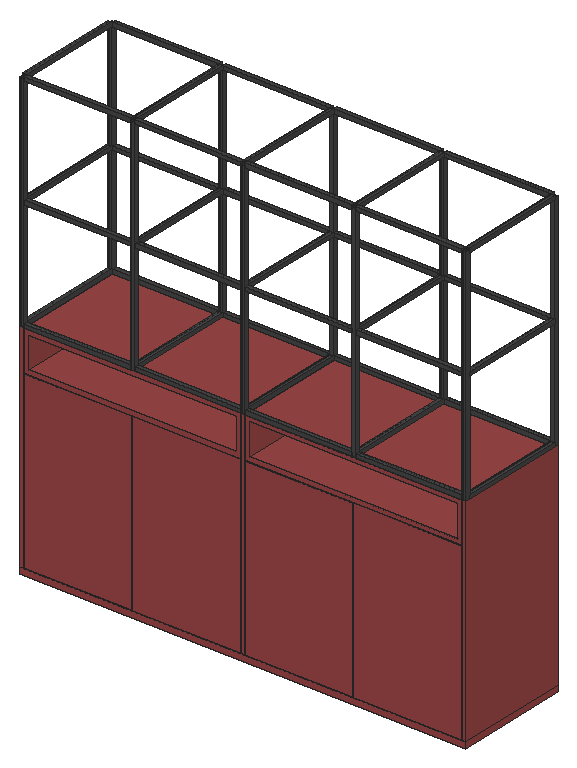
Revit family "DBLTD_TheSenatorGroup_OffcStrg_CrateDivide_StorageMounted_US", category Furniture, Revit 2018
Family settings
  Work Plane-Based = No
  Always vertical = Yes
  Cut with Voids When Loaded = No
  Shared = Yes
  Room Calculation Point = No
Parameters (values of type "2-High 4 Bay on Cubby Storage")
  WarrantyStartDate [instance] = "1900-12-31T23:59:59"
  WarrantyGuarantorParts = "n/a"
  WarrantyGuarantorLabor = "n/a"
  WarrantyDurationUnit = "Years"
  WarrantyDurationParts = "n/a"
  WarrantyDurationLabor = "n/a"
  WarrantyDescription = "Allermuir will repair, or replace (at Allermuir’s sole discretion) with comparable free of charge materials/ components, any product/ component which fails under normal use in a single shift environment, as a result of a defect in the materials and/or workmanship. Exceptions - Non-standard product - 2 years Screen-mounted Accessories/ Dry-wipe Boards - 2 years Electrical and/or electronic componentry - 2 years. Exclusions - Allermuir does not warrant: Failure due to normal “Wear and Tear”. Natural variations in appearance of wood - its grain, figure and colour. Changes in surface appearance resulting from exposure to light, and the natural ageing process of wood. Changes in surface appearance resulting from the misuse of cleaning materials and methods/ damage form sharp objects/ imprinting from writing implements. Natural variations in Leather - its marks, scars and wrinkles. Product stored/ exposed to extreme operational conditions. Consumable components such as Fuses/ Lights/ lamps/ transformers/etc. Other Manufacturer’s product supplied by Allermuir (their own warranty shall apply where possible). Non-standard fabrics/ finishes or veneers used. Allermuir only checks the manufacturing quality of Customer’s Own Material (COM) and provides no warrant"
  Version = "2"  # constant formula
  UnitMaterial [instance] = TheSenatorGroup_Wood_StrataOak
  Uniclass2015Version = "Products v1.9"
  Uniclass2015Title = "Office storage units"
  Uniclass2015Code = "Pr_40_30_78_57"
  URL = "https://www.thesenatorgroup.com/"
  Type Comments = "2-High 4 Bay on Cubby Storage"
  TagNumber [instance] = "n/a"
  SustainabilityPerformance = "Contains up to 50.00% of Recycled Material"
  Style = "n/a"
  Size = "L 18\" x  W 53\" x  H 30\""
  Shape = "Rectangular"
  SerialNumber [instance] = "n/a"
  Revision = "n/a"
  ReplacementCost = "n/a"
  ProductInformation = "https://www.thesenatorgroup.com/en/catalog/allermuir/tables-storage/crate-divide"
  OmniClassTitle = "Storage"
  OmniClassCode = "22-12 51 19"
  NominalWidth = 1784.096 mm
  NominalLength = 1784.096 mm
  NominalHeight = 1789.938 mm
  NominalDepth = 457.962 mm
  Name = "OfficeStorage_CrateDivide_StorageMounted"
  NBSReference = "45-35-80/360"
  NBSDescription = "Office storage"
  NBSCertification = ""
  ModelReference = "2-High 4 Bay on Cubby Storage"
  ModelNumber = "CRT2H4BCS"
  Model = "CRT2H4BCS"
  Material = "Tubular Steel"
  ManufacturerURL = "https://www.thesenatorgroup.com/"
  ManufacturerName = "The Senator Group"
  Manufacturer = "The Senator Group"
  MainColor = "n/a"
  Keynote = "Pr_40_30_78_57"
  Is4Bay = yes
  Is3Bay = yes
  Is2Bay = yes
  InstallationDate [instance] = "1900-12-31T23:59:59"
  IfcExportType = "STORAGE"  # constant formula
  IfcExportAs = "IfcFurnitureType"  # constant formula
  HasCubbby = DBLTD_TheSenatorGroup_OffcStrg_CrateDivide_Cubby_Nested : Double Cubby
  HasCentreCastor = yes
  Grade = "n/a"
  FrameMaterial [instance] = TheSenatorGroup_Plastic_Black
  Finish = "Black powder coat as standard. Optional colours available White, Sage, Bronze and Aubergine. MFC Storage available in Black, White or Strata Oak."
  Features = "A cube based modular storage system with a prime function to to act as a room divider. Create spaces using the modular design of Crate. Pre-built components can be connected together in-line or at right angles to create different zones within existing spaces."
  ExpectedLife = "n/a"
  DurationUnit = "year"
  DoorWidth = 432 mm
  DoorHeight = 728 mm
  DoorGap = 18 mm
  Description = "2-High 4 Bay on Cubby Storage"
  Cost = 0
  Constituents = "Tubular Steel frame available in Optional White, Sage, Bronze and Aubergine powder coat"
  Color = "Defined by Finish Specifed"
  CodePerformance = "n/a"
  CentralFrame = not(Is2Bay)  # no
  Category = "Pr_40_30_78_57:Office storage units"
  CarcassMaterial [instance] = TheSenatorGroup_Wood_Black
  BayHeight = DBLTD_TheSenatorGroup_OffcStrg_CrateDivide_Storage_Nested : Bars to Link 2-High Bay Unit
  BarCode [instance] = "n/a"
  BackPanel = 729 mm
  BIMObjectName = "TheSenatorGroup_OfficeStorage_CrateDivide_StorageMounted"
  Author = "Diane Butterworth Ltd"  # constant formula
  AssetType = "Movable"
  AssetIdentifier [instance] = "n/a"
  AccessibilityPerformance = "n/a"
  3BayFoot = no
Types (10, lengths in mm): name | Type Comments | Size | NominalWidth | NominalLength | NominalHeight | ModelReference | ModelNumber | Model | Is4Bay | Is3Bay | HasCubbby | HasCentreCastor | DoorWidth | DoorHeight | DoorGap | Description | CarcassMaterial | BayHeight | BackPanel | 3BayFoot
  2-High 2 Bay on Cubby Storage | "2-High 2 Bay on Cubby Storage" | "L 18\" x  W 35.5\" x  H 30\"" | 899.922 | 899.922 | 1789.938 | "2-High 2 Bay on Cubby Storage" | "CRT2H2BCS" | "CRT2H2BCS" | no | no | DBLTD_TheSenatorGroup_OffcStrg_CrateDivide_Cubby_Nested : Single Cubby | no | 432 | 728 | 1 | "2-High 2 Bay on Cubby Storage" | TheSenatorGroup_Wood_StrataOak | DBLTD_TheSenatorGroup_OffcStrg_CrateDivide_Storage_Nested : Bars to Link 2-High Bay Unit | 729 | no
  2-High 3 Bay on Storage | "2-High 3 Bay on Storage" | "L 18\" x  W 53\"x  H 30\"" | 1341.882 | 1341.882 | 1789.938 | "2-High 3 Bay on Storage" | "CRT2H3BS" | "CRT2H3BS" | no | yes | DBLTD_TheSenatorGroup_OffcStrg_CrateDivide_Cubby_Nested : No Cubby | yes | 441 | 873 | 1 | "2-High 3 Bay on Storage" | TheSenatorGroup_Wood_StrataOak | DBLTD_TheSenatorGroup_OffcStrg_CrateDivide_Storage_Nested : Bars to Link 2-High Bay Unit | 874 | yes
  2-High 4 Bay on Cubby Storage | "2-High 4 Bay on Cubby Storage" | "L 18\" x  W 53\" x  H 30\"" | 1784.096 | 1784.096 | 1789.938 | "2-High 4 Bay on Cubby Storage" | "CRT2H4BCS" | "CRT2H4BCS" | yes | yes | DBLTD_TheSenatorGroup_OffcStrg_CrateDivide_Cubby_Nested : Double Cubby | yes | 432 | 728 | 18 | "2-High 4 Bay on Cubby Storage" | TheSenatorGroup_Wood_Black | DBLTD_TheSenatorGroup_OffcStrg_CrateDivide_Storage_Nested : Bars to Link 2-High Bay Unit | 729 | no
  2-High 2 Bay on Storage | "2-High 2 Bay on Cubby Storage" | "L 18\" x  W 35.5\" x  H 30\"" | 899.922 | 899.922 | 1789.938 | "2-High 2 Bay on Cubby Storage" | "CRT2H2BCS" | "CRT2H2BCS" | no | no | DBLTD_TheSenatorGroup_OffcStrg_CrateDivide_Cubby_Nested : No Cubby | no | 432 | 873 | 1 | "2-High 2 Bay on Cubby Storage" | TheSenatorGroup_Wood_StrataOak | DBLTD_TheSenatorGroup_OffcStrg_CrateDivide_Storage_Nested : Bars to Link 2-High Bay Unit | 874 | no
  3-High 2 Bay on Cubby Storage | "2-High 2 Bay on Cubby Storage" | "L 18\" x  W 53\" x  H 88\"" | 899.922 | 899.922 | 2231.898 | "2-High 2 Bay on Cubby Storage" | "CRT2H2BCS" | "CRT2H2BCS" | no | no | DBLTD_TheSenatorGroup_OffcStrg_CrateDivide_Cubby_Nested : Single Cubby | no | 432 | 728 | 1 | "2-High 2 Bay on Cubby Storage" | TheSenatorGroup_Wood_StrataOak | DBLTD_TheSenatorGroup_OffcStrg_CrateDivide_Storage_Nested : Bars to Link 3-High Bay Unit | 729 | no
  2-High 4 Bay on Storage | "2-High 4 Bay on Storage" | "L 18\" x  W 53\" x  H 30\"" | 1784.096 | 1784.096 | 1789.938 | "2-High 4 Bay on Storage" | "CRT2H4BS" | "CRT2H4BS" | yes | yes | DBLTD_TheSenatorGroup_OffcStrg_CrateDivide_Cubby_Nested : No Cubby | yes | 432 | 873 | 18 | "2-High 4 Bay on Storage" | TheSenatorGroup_Wood_Black | DBLTD_TheSenatorGroup_OffcStrg_CrateDivide_Storage_Nested : Bars to Link 2-High Bay Unit | 874 | no
  3-High 4 Bay on Storage | "3-High 4 Bay on Storage" | "L 18\" x  W 30\" x  H 88\"" | 1784.096 | 1784.096 | 2231.898 | "3-High 4 Bay on Storage" | "CRT3H4BS" | "CRT3H4BS" | yes | yes | DBLTD_TheSenatorGroup_OffcStrg_CrateDivide_Cubby_Nested : No Cubby | yes | 432 | 873 | 18 | "3-High 4 Bay on Storage" | TheSenatorGroup_Wood_Black | DBLTD_TheSenatorGroup_OffcStrg_CrateDivide_Storage_Nested : Bars to Link 3-High Bay Unit | 874 | no
  3-High 4 Bay on Cubby Storage | "3-High 4 Bay on Cubby Storage" | "L 18\" x  W 30\" x  H 88\"" | 1784.096 | 1784.096 | 2231.898 | "3-High 4 Bay on Cubby Storage" | "CRT3H4BCS" | "CRT3H4BCS" | yes | yes | DBLTD_TheSenatorGroup_OffcStrg_CrateDivide_Cubby_Nested : Double Cubby | yes | 432 | 728 | 18 | "3-High 4 Bay on Cubby Storage" | TheSenatorGroup_Wood_Black | DBLTD_TheSenatorGroup_OffcStrg_CrateDivide_Storage_Nested : Bars to Link 3-High Bay Unit | 729 | no
  3-High 3 Bay on Storage | "3-High 3 Bay on Storage" | "L 18\" x  W 53\" x  H 88\"" | 1341.882 | 1341.882 | 2231.898 | "3-High 3 Bay on Storage" | "CRT3H3BS" | "CRT3H3BS" | no | yes | DBLTD_TheSenatorGroup_OffcStrg_CrateDivide_Cubby_Nested : No Cubby | yes | 441 | 873 | 1 | "3-High 3 Bay on Storage" | TheSenatorGroup_Wood_StrataOak | DBLTD_TheSenatorGroup_OffcStrg_CrateDivide_Storage_Nested : Bars to Link 3-High Bay Unit | 874 | yes
  3-High 2 Bay on Storage | "3-High 2 Bay on Cubby Storage" | "L 18\" x  W 35.5\" x  H 88\"" | 899.922 | 899.922 | 2231.898 | "3-High 2 Bay on Cubby Storage" | "CRT3H2BS" | "CRT3H2BS" | no | no | DBLTD_TheSenatorGroup_OffcStrg_CrateDivide_Cubby_Nested : No Cubby | no | 432 | 873 | 1 | "3-High 2 Bay on Cubby Storage" | TheSenatorGroup_Wood_StrataOak | DBLTD_TheSenatorGroup_OffcStrg_CrateDivide_Storage_Nested : Bars to Link 3-High Bay Unit | 874 | no
Reference planes
  plane 1 "Back": y = 0
  plane 2: z = 0
  plane 3 "Center (Left/Right)": x = 0
  plane 4 "Front": y = -457.962
  plane 5 "Left": x = -892.048
  plane 6 "Right": x = 892.048
  plane 7 "Top": z = 1789.938
  plane 8: y = -228.981
  plane 9: z = 31.5
Forms (mm)
  Extrusion 1, solid, material "TheSenatorGroup_Wood_Black" <- "CarcassMaterial"
    sketch origin (0, 0, 0) x (1, 0, 0) y (0, 0, 1)
      loop
        line (-892.048, 892) -> (-892.048, 31.5) -> (-876.108, 31.5) -> (-876.108, 892) -> (-892.048, 892)
      loop
        line (892.048, 892) -> (876.108, 892) -> (876.108, 31.5) -> (892.048, 31.5) -> (892.048, 892)
    from 0 to 458
  Extrusion 2, solid, material "TheSenatorGroup_Wood_Black" <- "CarcassMaterial", visible <- "Is4Bay"
    sketch origin (442.06, 0, 0) x (1, 0, 0) y (0, 0, 1)
      loop
        line (-450.03, 892) -> (-450.03, 31.5) -> (-434.09, 31.5) -> (-434.09, 892) -> (-450.03, 892)
    from 16 to 458
  Extrusion 3, solid, material "TheSenatorGroup_Wood_Black" <- "CarcassMaterial"
    sketch origin (0, 0, -95) x (1, 0, 0) y (0, 0, 1)
      loop
        line (-892.048, 126.5) -> (-892.048, 102) -> (892.048, 102) -> (892.048, 126.5) -> (-892.048, 126.5)
    from 0 to 458
  Extrusion 4, solid, material "TheSenatorGroup_Wood_Black" <- "CarcassMaterial"
    sketch origin (0, 0, 0) x (1, 0, 0) y (0, 0, 1)
      loop
        line (-876.108, 729) -> (-876.108, 31.5) -> (876.108, 31.5) -> (876.108, 729) -> (-876.108, 729)
    from 0 to 16
  Extrusion 5, solid, material "TheSenatorGroup_Wood_Black" <- "CarcassMaterial"
    sketch origin (0, 0, 0) x (1, 0, 0) y (0, 0, 1)
      loop
        line (-875.108, 728) -> (-875.108, 32.5) -> (-443.018, 32.5) -> (-443.018, 728) -> (-875.108, 728)
    from 442.12 to 458
  Extrusion 6, solid, material "TheSenatorGroup_Wood_Black" <- "CarcassMaterial"
    sketch origin (-883.94, 0, 0) x (-1, 0, 0) y (0, 0, -1)
      loop
        line (-874.922, -728) -> (-442.922, -728) -> (-442.922, -31.5) -> (-874.922, -31.5) -> (-874.922, -728)
    from 442.12 to 458
  Extrusion 7, solid, material "TheSenatorGroup_Wood_Black" <- "CarcassMaterial", visible <- "Is3Bay"
    sketch origin (0.12, 0, 0) x (-1, 0, 0) y (0, 0, -1)
      loop
        line (-440.952, -728) -> (-8.862, -728) -> (-8.862, -31.5) -> (-440.952, -31.5) -> (-440.952, -728)
    from 442.12 to 458
  Extrusion 8, solid, material "TheSenatorGroup_Wood_Black" <- "CarcassMaterial", visible <- "Is4Bay"
    sketch origin (433.21, 0, 0) x (-1, 0, 0) y (0, 0, -1)
      loop
        line (-441.952, -728) -> (-9.862, -728) -> (-9.862, -31.5) -> (-441.952, -31.5) -> (-441.952, -728)
    from 442.12 to 458
Dimensions and locks
  "NominalDepth": plane 4 "Front" to plane 1 "Back"
  equal spacing: plane 5 "Left", plane 3 "Center (Left/Right)", plane 6 "Right"
  "NominalLength": plane 5 "Left" to plane 6 "Right"
  "NominalHeight": plane 7 "Top" to level
  equal spacing: plane 4 "Front", plane 8, plane 1 "Back"
  locked: Extrusion 1 sketch curve to plane 5 "Left" at 15.94
  locked: plane 6 "Right" to Extrusion 1 sketch curve at 15.94
  locked: Extrusion 2 sketch curve to Extrusion 2 sketch curve at 15.94
  equal spacing: Extrusion 2 sketch curve, plane 3 "Center (Left/Right)", Extrusion 2 sketch curve
  locked: Extrusion 5 sketch curve to plane 5 "Left" at 16.94
  locked: Extrusion 5 sketch curve to Extrusion 5 sketch curve at 432.09
  "DoorWidth": Extrusion 6 sketch curve to Extrusion 6 sketch curve
  locked: Extrusion 6 sketch curve to Extrusion 5 at 2
  locked: Extrusion 7 sketch curve to Extrusion 7 sketch curve at 432.09
  "DoorGap": Extrusion 7 sketch curve to Extrusion 6
  locked: Extrusion 8 sketch curve to Extrusion 8 sketch curve at 432.09
  locked: Extrusion 8 sketch curve to Extrusion 7 at 2
  Extrusion 5 sketch curve to plane 2 = 32.5 mm
  "DoorHeight": Extrusion 5 sketch curve to plane 2
  "DoorHeight": Extrusion 6 sketch curve to plane 2
  "DoorHeight": Extrusion 7 sketch curve to plane 2
  "DoorHeight": Extrusion 8 sketch curve to plane 2
  "BackPanel": Extrusion 4 sketch curve to level
  aligned and locked: level to plane 2
  aligned and locked: plane 5 "Left" to Extrusion 1 sketch curve
  aligned and locked: plane 6 "Right" to Extrusion 1 sketch curve
  aligned and locked: Extrusion 3 sketch curve to plane 6 "Right"
  aligned and locked: plane 5 "Left" to Extrusion 3 sketch curve
  aligned and locked: nested 3 to nested 1
  aligned and locked: nested 2 to nested 3
  aligned and locked: nested 4 to nested 2
  aligned and locked: plane 5 "Left" to nested 1
  aligned and locked: Extrusion 6 to Extrusion 7 sketch curve
  aligned and locked: Extrusion 7 to Extrusion 8 sketch curve
  aligned and locked: plane 5 "Left" to nested 5
Automatic sketch dimensions
  level to Extrusion 1 sketch curve = 31.5 mm  (x2)
  Extrusion 1 sketch curve to Extrusion 1 sketch curve = 860.5 mm  (x2)
  level to Extrusion 2 sketch curve = 31.5 mm
  Extrusion 2 sketch curve to Extrusion 2 sketch curve = 860.5 mm
  Extrusion 3 sketch curve to plane 9 = 0 mm
  level to Extrusion 3 sketch curve = 7 mm
  Extrusion 4 sketch curve to plane 9 = 0 mm
  plane 5 "Left" to Extrusion 4 sketch curve = 15.94 mm
  Extrusion 4 sketch curve to plane 6 "Right" = 15.94 mm
  Extrusion 6 sketch curve to plane 9 = 0 mm
Nested families
  nested 1: "DBLTD_TheSenatorGroup_OffcStrg_CrateDivide_Storage_Nested" at (-663.048, 0, 0), FrameMaterial <- "FrameMaterial", type <- "BayHeight", type "Bars to Link 2-High Bay Unit"
    with WarrantyStartDate "1900-12-31T23:59:59", TagNumber "n/a", SerialNumber "n/a", InstallationDate "1900-12-31T23:59:59", FrameMaterial TheSenatorGroup_Plastic_Black, BarCode "n/a", AssetIdentifier "n/a"
  nested 2: "DBLTD_TheSenatorGroup_OffcStrg_CrateDivide_Storage_Nested" at (221.072, 0, 0), FrameMaterial <- "FrameMaterial", visible <- "Is3Bay", type <- "BayHeight", type "Bars to Link 2-High Bay Unit"
    with WarrantyStartDate "1900-12-31T23:59:59", TagNumber "n/a", SerialNumber "n/a", InstallationDate "1900-12-31T23:59:59", FrameMaterial TheSenatorGroup_Plastic_Black, BarCode "n/a", AssetIdentifier "n/a"
  nested 3: "DBLTD_TheSenatorGroup_OffcStrg_CrateDivide_Storage_Nested" at (-220.988, 0, 0), FrameMaterial <- "FrameMaterial", visible <- "Is2Bay", type <- "BayHeight", type "Bars to Link 2-High Bay Unit"
    with WarrantyStartDate "1900-12-31T23:59:59", TagNumber "n/a", SerialNumber "n/a", InstallationDate "1900-12-31T23:59:59", FrameMaterial TheSenatorGroup_Plastic_Black, BarCode "n/a", AssetIdentifier "n/a"
  nested 4: "DBLTD_TheSenatorGroup_OffcStrg_CrateDivide_Storage_Nested" at (663.132, 0, 0), FrameMaterial <- "FrameMaterial", visible <- "Is4Bay", type <- "BayHeight", type "Bars to Link 2-High Bay Unit"
    with WarrantyStartDate "1900-12-31T23:59:59", TagNumber "n/a", SerialNumber "n/a", InstallationDate "1900-12-31T23:59:59", FrameMaterial TheSenatorGroup_Plastic_Black, BarCode "n/a", AssetIdentifier "n/a"
  nested 5: "DBLTD_TheSenatorGroup_OffcStrg_CrateDivide_Cubby_Nested" at (-663.048, 0, 0), type <- "HasCubbby", Width <- "NominalWidth", FrameMaterial <- "CarcassMaterial", UnitMaterial <- "UnitMaterial", Is4Bay <- "Is4Bay", 3BayFoot <- "3BayFoot", type "Double Cubby"
    with Width 1784.096 mm, UnitMaterial TheSenatorGroup_Wood_StrataOak, IsBay3 yes, Is4Bay yes, FrameMaterial TheSenatorGroup_Wood_Black, 3BayFoot no
Definition of nested family "DBLTD_TheSenatorGroup_OffcStrg_CrateDivide_Storage_Nested"
  Parameters (values of type "Bars to Link 3-High Bay Unit")
    WarrantyStartDate [instance] = "1900-12-31T23:59:59"
    WarrantyGuarantorParts = "n/a"
    WarrantyGuarantorLabor = "n/a"
    WarrantyDurationUnit = "Years"
    WarrantyDurationParts = "n/a"
    WarrantyDurationLabor = "n/a"
    WarrantyDescription = "Allermuir will repair, or replace (at Allermuir’s sole discretion) with comparable free of charge materials/ components, any product/ component which fails under normal use in a single shift environment, as a result of a defect in the materials and/or workmanship. Exceptions - Non-standard product - 2 years Screen-mounted Accessories/ Dry-wipe Boards - 2 years Electrical and/or electronic componentry - 2 years. Exclusions - Allermuir does not warrant: Failure due to normal “Wear and Tear”. Natural variations in appearance of wood - its grain, figure and colour. Changes in surface appearance resulting from exposure to light, and the natural ageing process of wood. Changes in surface appearance resulting from the misuse of cleaning materials and methods/ damage form sharp objects/ imprinting from writing implements. Natural variations in Leather - its marks, scars and wrinkles. Product stored/ exposed to extreme operational conditions. Consumable components such as Fuses/ Lights/ lamps/ transformers/etc. Other Manufacturer’s product supplied by Allermuir (their own warranty shall apply where possible). Non-standard fabrics/ finishes or veneers used. Allermuir only checks the manufacturing quality of Customer’s Own Material (COM) and provides no warrant"
    Version = "2"  # constant formula
    Uniclass2015Version = "Products v1.9"
    Uniclass2015Title = "Office storage units"
    Uniclass2015Code = "Pr_40_30_78_57"
    URL = "https://www.thesenatorgroup.com/"
    Type Comments = ModelReference  # "Connector bars to link 3-high bay unit"
    TagNumber [instance] = "n/a"
    SustainabilityPerformance = "Contains up to 50.00% of Recycled Material"
    Style = "n/a"
    Size = "L 458mm x  W 458mm x  H 1348mm"
    Shape = "Rectangular"
    SerialNumber [instance] = "n/a"
    Revision = "n/a"
    ReplacementCost = "n/a"
    ProductInformation = "https://www.thesenatorgroup.com/en/catalog/allermuir/tables-storage/crate-divide"
    OmniClassTitle = "Storage"
    OmniClassCode = "22-12 51 19"
    NominalWidth = NominalLength  # 458 mm
    NominalLength = 458 mm
    NominalHeight = 1348 mm
    NominalDepth = 458 mm
    Name = "OfficeStorage_CrateDivide_LinkingBars"
    NBSReference = "45-35-80/360"
    NBSDescription = "Office storage"
    NBSCertification = ""
    ModelReference = "Connector bars to link 3-high bay unit"
    ModelNumber = "CRT8CB"
    Model = ModelNumber  # "CRT8CB"
    Material = "Tubular Steel"
    ManufacturerURL = "https://www.thesenatorgroup.com/"
    ManufacturerName = "The Senator Group"
    Manufacturer = "The Senator Group"
    MainColor = "n/a"
    Keynote = "Pr_40_30_78_57"
    Is2Bay [instance] = yes
    InstallationDate [instance] = "1900-12-31T23:59:59"
    IfcExportType = "STORAGE"  # constant formula
    IfcExportAs = "IfcFurnitureType"  # constant formula
    Grade = "n/a"
    FrameNumber = 3
    FrameMaterial [instance] = none
    Finish = "Black powder coat as standard. Optional colours available White, Sage, Bronze and Aubergine"
    Features = "A cube based modular storage system with a prime function to to act as a room divider. Create spaces using the modular design of Crate. Pre-built components can be connected together in-line or at right angles to create different zones within existing spaces."
    FameHeight = 1342 mm
    ExpectedLife = "n/a"
    DurationUnit = "year"
    Description = ModelReference  # "Connector bars to link 3-high bay unit"
    Cost = 0
    Constituents = "Tubular Steel frame available in Optional White, Sage, Bronze and Aubergine powder coat"
    Color = "Defined by Finish Specifed"
    CodePerformance = "n/a"
    Category = "Pr_40_30_78_57:Office storage units"
    BarCode [instance] = "n/a"
    BIMObjectName = "TheSenatorGroup_OfficeStorage_CrateDivide_LinkingBars"
    Author = "Diane Butterworth Ltd"  # constant formula
    AssetType = "Movable"
    AssetIdentifier [instance] = "n/a"
    AccessibilityPerformance = "n/a"
  Types (2, lengths in mm): name | Type Comments | Size | NominalHeight | ModelReference | ModelNumber | Model | FrameNumber | FameHeight | Description
    Bars to Link 2-High Bay Unit | "Connector bars to link 2-high bay unit" | "L 458mm x  W 458mm x  H 900mm" | 900 | "Connector bars to link 2-high bay unit" | "CRT6CB" | "CRT6CB" | 2 | 899.93 | "Connector bars to link 2-high bay unit"
    Bars to Link 3-High Bay Unit | "Connector bars to link 3-high bay unit" | "L 458mm x  W 458mm x  H 1348mm" | 1348 | "Connector bars to link 3-high bay unit" | "CRT8CB" | "CRT8CB" | 3 | 1342 | "Connector bars to link 3-high bay unit"
  Reference planes
    plane 1 "Back": y = 0
    plane 2: z = 0
    plane 3 "Center (Left/Right)": x = 0
    plane 4 "Front": y = -458
    plane 5 "Left": x = -229
    plane 6 "Right": x = 229
    plane 7: y = -229
    plane 8: z = 892
  Forms (mm)
    Extrusion 1, solid, material <- "FrameMaterial"
      sketch origin (0, 0, 882) x (0, 1, 0) y (0, 0, 1)
        loop
          line (-442.12, 25.88) -> (-458, 25.88) -> (-458, 10) -> (-442.12, 10) -> (-442.12, 25.88)
        loop
          line (0, 25.88) -> (-16, 25.88) -> (-16, 10) -> (0, 10) -> (0, 25.88)
        loop
          line (-2, 23.88) -> (-14, 23.88) -> (-14, 12) -> (-2, 12) -> (-2, 23.88)
        loop
          line (-444.12, 23.88) -> (-456, 23.88) -> (-456, 12) -> (-444.12, 12) -> (-444.12, 23.88)
      from -213.06 to 213.06
    Extrusion 2, solid, material <- "FrameMaterial"
      sketch origin (0, 0, 1324.05) x (0, 1, 0) y (0, 0, 1)
        loop
          line (-442.12, 25.88) -> (-458, 25.88) -> (-458, 10) -> (-442.12, 10) -> (-442.12, 25.88)
        loop
          line (0, 25.88) -> (-16, 25.88) -> (-16, 10) -> (0, 10) -> (0, 25.88)
        loop
          line (-2, 23.88) -> (-14, 23.88) -> (-14, 12) -> (-2, 12) -> (-2, 23.88)
        loop
          line (-444.12, 23.88) -> (-456, 23.88) -> (-456, 12) -> (-444.12, 12) -> (-444.12, 23.88)
      from -213.06 to 213.06
    Extrusion 3, solid, material <- "FrameMaterial"
      sketch origin (0, 0, 1766.05) x (0, 1, 0) y (0, 0, 1)
        loop
          line (-442.12, 25.88) -> (-458, 25.88) -> (-458, 10) -> (-442.12, 10) -> (-442.12, 25.88)
        loop
          line (0, 25.88) -> (-16, 25.88) -> (-16, 10) -> (0, 10) -> (0, 25.88)
        loop
          line (-2, 23.88) -> (-14, 23.88) -> (-14, 12) -> (-2, 12) -> (-2, 23.88)
        loop
          line (-444.12, 23.88) -> (-456, 23.88) -> (-456, 12) -> (-444.12, 12) -> (-444.12, 23.88)
      from -213.06 to 213.06
    Extrusion 4, solid, material <- "FrameMaterial", visible <- "Is2Bay"
      sketch origin (0, 0, 884) x (-1, 0, 0) y (0, -1, 0)
        loop
          line (229, 0) -> (229, 16) -> (213.06, 16) -> (213.06, 0) -> (229, 0)
        loop
          line (213.06, 442.12) -> (229, 442.12) -> (229, 458) -> (213.06, 458) -> (213.06, 442.12)
        loop
          line (227, 2) -> (227, 14) -> (215.06, 14) -> (215.06, 2) -> (227, 2)
        loop
          line (227, 444.12) -> (227, 456.12) -> (215.06, 456.12) -> (215.06, 444.12) -> (227, 444.12)
      from 8 to 1342 <- "FameHeight"
    Extrusion 5, solid, material <- "FrameMaterial"
      sketch origin (0, 0, 884) x (1, 0, 0) y (0, 1, 0)
        loop
          line (229, 0) -> (213.06, 0) -> (213.06, -16) -> (229, -16) -> (229, 0)
        loop
          line (213.06, -442.12) -> (213.06, -458) -> (229, -458) -> (229, -442.12) -> (213.06, -442.12)
        loop
          line (227, -2) -> (215.06, -2) -> (215.06, -14) -> (227, -14) -> (227, -2)
        loop
          line (227, -444.12) -> (215.06, -444.12) -> (215.06, -456.12) -> (227, -456.12) -> (227, -444.12)
      from 8 to 1342 <- "FameHeight"
    Extrusion 6, solid, material <- "FrameMaterial"
      sketch origin (-229, -229.06, 882) x (-1, 0, 0) y (0, 0, 1)
        loop
          line (-442.06, 25.88) -> (-458, 25.88) -> (-458, 10) -> (-442.06, 10) -> (-442.06, 25.88)
        loop
          line (-444.06, 23.88) -> (-456, 23.88) -> (-456, 12) -> (-444.06, 12) -> (-444.06, 23.88)
      from -213.06 to 213.06
    Extrusion 7, solid, material <- "FrameMaterial", visible <- "Is2Bay"
      sketch origin (-671.06, -229.06, 882) x (-1, 0, 0) y (0, 0, 1)
        loop
          line (-442.06, 25.88) -> (-458, 25.88) -> (-458, 10) -> (-442.06, 10) -> (-442.06, 25.88)
        loop
          line (-444.06, 23.88) -> (-456, 23.88) -> (-456, 12) -> (-444.06, 12) -> (-444.06, 23.88)
      from -213.06 to 213.06
    Extrusion 8, solid, material <- "FrameMaterial", not visible
      sketch origin (-229, -229.06, -10) x (-1, 0, 0) y (0, 0, 1)
        loop
          line (-442.06, 25.88) -> (-458, 25.88) -> (-458, 10) -> (-442.06, 10) -> (-442.06, 25.88)
        loop
          line (-444.06, 23.88) -> (-456, 23.88) -> (-456, 12) -> (-444.06, 12) -> (-444.06, 23.88)
      from -213.06 to 213.06
    Extrusion 9, solid, material <- "FrameMaterial", visible <- "Is2Bay", not visible
      sketch origin (-671.06, -229.06, -10) x (-1, 0, 0) y (0, 0, 1)
        loop
          line (-442.06, 25.88) -> (-458, 25.88) -> (-458, 10) -> (-442.06, 10) -> (-442.06, 25.88)
        loop
          line (-444.06, 23.88) -> (-456, 23.88) -> (-456, 12) -> (-444.06, 12) -> (-444.06, 23.88)
      from -213.06 to 213.06
    Extrusion 10, solid, material <- "FrameMaterial"
      sketch origin (-229, -229.06, 1324.05) x (-1, 0, 0) y (0, 0, 1)
        loop
          line (-442.06, 25.88) -> (-458, 25.88) -> (-458, 10) -> (-442.06, 10) -> (-442.06, 25.88)
        loop
          line (-444.06, 23.88) -> (-456, 23.88) -> (-456, 12) -> (-444.06, 12) -> (-444.06, 23.88)
      from -213.06 to 213.06
    Extrusion 11, solid, material <- "FrameMaterial", visible <- "Is2Bay"
      sketch origin (-671.06, -229.06, 1324.05) x (-1, 0, 0) y (0, 0, 1)
        loop
          line (-442.06, 25.88) -> (-458, 25.88) -> (-458, 10) -> (-442.06, 10) -> (-442.06, 25.88)
        loop
          line (-444.06, 23.88) -> (-456, 23.88) -> (-456, 12) -> (-444.06, 12) -> (-444.06, 23.88)
      from -213.06 to 213.06
    Extrusion 12, solid, material <- "FrameMaterial"
      sketch origin (-229, -229.06, 1766.05) x (-1, 0, 0) y (0, 0, 1)
        loop
          line (-442.06, 25.88) -> (-458, 25.88) -> (-458, 10) -> (-442.06, 10) -> (-442.06, 25.88)
        loop
          line (-444.06, 23.88) -> (-456, 23.88) -> (-456, 12) -> (-444.06, 12) -> (-444.06, 23.88)
      from -213.06 to 213.06
    Extrusion 13, solid, material <- "FrameMaterial", visible <- "Is2Bay"
      sketch origin (-671.06, -229.06, 1766.05) x (-1, 0, 0) y (0, 0, 1)
        loop
          line (-442.06, 25.88) -> (-458, 25.88) -> (-458, 10) -> (-442.06, 10) -> (-442.06, 25.88)
        loop
          line (-444.06, 23.88) -> (-456, 23.88) -> (-456, 12) -> (-444.06, 12) -> (-444.06, 23.88)
      from -213.06 to 213.06
    Extrusion 14, solid, material <- "FrameMaterial"
      sketch origin (0, 0, 2208.05) x (0, 1, 0) y (0, 0, 1)
        loop
          line (-442.12, 25.88) -> (-458, 25.88) -> (-458, 10) -> (-442.12, 10) -> (-442.12, 25.88)
        loop
          line (0, 25.88) -> (-16, 25.88) -> (-16, 10) -> (0, 10) -> (0, 25.88)
        loop
          line (-2, 23.88) -> (-14, 23.88) -> (-14, 12) -> (-2, 12) -> (-2, 23.88)
        loop
          line (-444.12, 23.88) -> (-456, 23.88) -> (-456, 12) -> (-444.12, 12) -> (-444.12, 23.88)
      from -213.06 to 213.06
    Extrusion 15, solid, material <- "FrameMaterial"
      sketch origin (-229, -229.06, 2208.05) x (-1, 0, 0) y (0, 0, 1)
        loop
          line (-442.06, 25.88) -> (-458, 25.88) -> (-458, 10) -> (-442.06, 10) -> (-442.06, 25.88)
        loop
          line (-444.06, 23.88) -> (-456, 23.88) -> (-456, 12) -> (-444.06, 12) -> (-444.06, 23.88)
      from -213.06 to 213.06
    Extrusion 16, solid, material <- "FrameMaterial", visible <- "Is2Bay"
      sketch origin (-671.06, -229.06, 2208.05) x (-1, 0, 0) y (0, 0, 1)
        loop
          line (-442.06, 25.88) -> (-458, 25.88) -> (-458, 10) -> (-442.06, 10) -> (-442.06, 25.88)
        loop
          line (-444.06, 23.88) -> (-456, 23.88) -> (-456, 12) -> (-444.06, 12) -> (-444.06, 23.88)
      from -213.06 to 213.06
  Dimensions and locks
    "NominalDepth": plane 4 "Front" to plane 1 "Back"
    equal spacing: plane 5 "Left", plane 3 "Center (Left/Right)", plane 6 "Right"
    "NominalLength": plane 5 "Left" to plane 6 "Right"
    equal spacing: plane 4 "Front", plane 7, plane 1 "Back"
    Extrusion 2 to level = 1349.93 mm
    equal spacing: group 2, group 3, group 8  (x3)
    equal spacing: group 6, group 7, group 9  (x3)
    plane 8 to level = 892 mm
    locked: Extrusion 2 to plane 8 at 442.05
    locked: Extrusion 3 to plane 8 at 884.05
    aligned and locked: level to plane 2
    aligned and locked: Extrusion 1 to plane 8
    aligned and locked: Extrusion 4 to plane 8
    aligned and locked: Extrusion 5 to plane 8
    aligned and locked: Extrusion 6 to plane 8
    aligned and locked: Extrusion 11 to Extrusion 2
    aligned and locked: Extrusion 13 to Extrusion 3
  Automatic sketch dimensions
    Extrusion 1 sketch curve to Extrusion 1 sketch curve = 15.88 mm  (x3)
    Extrusion 1 sketch curve to Extrusion 1 sketch curve = 2 mm  (x8)
    Extrusion 1 sketch curve to Extrusion 1 sketch curve = 426.12 mm
    Extrusion 1 sketch curve to Extrusion 1 sketch curve = 12 mm
    Extrusion 1 sketch curve to Extrusion 1 sketch curve = 0 mm
    Extrusion 2 sketch curve to Extrusion 2 sketch curve = 15.88 mm  (x3)
    Extrusion 2 sketch curve to Extrusion 2 sketch curve = 2 mm  (x8)
    Extrusion 2 sketch curve to Extrusion 2 sketch curve = 426.12 mm
    Extrusion 2 sketch curve to Extrusion 2 sketch curve = 12 mm
    Extrusion 2 sketch curve to Extrusion 2 sketch curve = 0 mm
    Extrusion 3 sketch curve to Extrusion 3 sketch curve = 15.88 mm  (x3)
    Extrusion 3 sketch curve to Extrusion 3 sketch curve = 2 mm  (x8)
    Extrusion 3 sketch curve to Extrusion 3 sketch curve = 426.12 mm
    Extrusion 3 sketch curve to Extrusion 3 sketch curve = 12 mm
    Extrusion 3 sketch curve to Extrusion 3 sketch curve = 0 mm
    plane 1 "Back" to Extrusion 4 sketch curve = 0 mm
    Extrusion 4 sketch curve to plane 4 "Front" = 0 mm
    Extrusion 4 sketch curve to plane 5 "Left" = 0 mm  (x2)
    plane 5 "Left" to Extrusion 4 sketch curve = 2 mm  (x2)
    plane 1 "Back" to Extrusion 4 sketch curve = 2 mm
    Extrusion 4 sketch curve to Extrusion 4 sketch curve = 11.94 mm  (x2)
    Extrusion 4 sketch curve to Extrusion 4 sketch curve = 2 mm  (x4)
    Extrusion 4 sketch curve to Extrusion 4 sketch curve = 12 mm
    plane 4 "Front" to Extrusion 4 sketch curve = 15.88 mm
    plane 4 "Front" to Extrusion 4 sketch curve = 1.88 mm
    plane 1 "Back" to Extrusion 5 sketch curve = 0 mm
    Extrusion 5 sketch curve to plane 4 "Front" = 0 mm
    Extrusion 5 sketch curve to plane 6 "Right" = 0 mm  (x2)
    Extrusion 5 sketch curve to plane 6 "Right" = 2 mm  (x2)
    plane 1 "Back" to Extrusion 5 sketch curve = 2 mm
    Extrusion 5 sketch curve to Extrusion 5 sketch curve = 11.94 mm  (x2)
    Extrusion 5 sketch curve to Extrusion 5 sketch curve = 2 mm  (x4)
    plane 4 "Front" to Extrusion 5 sketch curve = 1.88 mm
    Extrusion 5 sketch curve to Extrusion 5 sketch curve = 12 mm
    Extrusion 5 sketch curve to Extrusion 5 sketch curve = 14 mm
    Extrusion 6 sketch curve to Extrusion 6 sketch curve = 11.94 mm
    Extrusion 6 sketch curve to Extrusion 6 sketch curve = 2 mm  (x4)
    Extrusion 6 sketch curve to Extrusion 6 sketch curve = 11.88 mm
    Extrusion 7 sketch curve to Extrusion 7 sketch curve = 11.94 mm
    Extrusion 7 sketch curve to Extrusion 7 sketch curve = 2 mm  (x4)
    Extrusion 7 sketch curve to Extrusion 7 sketch curve = 11.88 mm
    Extrusion 8 sketch curve to Extrusion 8 sketch curve = 11.94 mm
    Extrusion 8 sketch curve to Extrusion 8 sketch curve = 2 mm  (x4)
    Extrusion 8 sketch curve to Extrusion 8 sketch curve = 11.88 mm
    Extrusion 9 sketch curve to Extrusion 9 sketch curve = 11.94 mm
    Extrusion 9 sketch curve to Extrusion 9 sketch curve = 2 mm  (x4)
    Extrusion 9 sketch curve to Extrusion 9 sketch curve = 11.88 mm
    Extrusion 10 sketch curve to Extrusion 10 sketch curve = 11.94 mm
    Extrusion 10 sketch curve to Extrusion 10 sketch curve = 2 mm  (x4)
    Extrusion 10 sketch curve to Extrusion 10 sketch curve = 11.88 mm
    Extrusion 11 sketch curve to Extrusion 11 sketch curve = 11.94 mm
    Extrusion 11 sketch curve to Extrusion 11 sketch curve = 2 mm  (x4)
    Extrusion 11 sketch curve to Extrusion 11 sketch curve = 11.88 mm
    Extrusion 12 sketch curve to Extrusion 12 sketch curve = 11.94 mm
    Extrusion 12 sketch curve to Extrusion 12 sketch curve = 2 mm  (x4)
    Extrusion 12 sketch curve to Extrusion 12 sketch curve = 11.88 mm
    Extrusion 13 sketch curve to Extrusion 13 sketch curve = 11.94 mm
    Extrusion 13 sketch curve to Extrusion 13 sketch curve = 2 mm  (x4)
    Extrusion 13 sketch curve to Extrusion 13 sketch curve = 11.88 mm
    Extrusion 14 sketch curve to Extrusion 14 sketch curve = 15.88 mm  (x3)
    Extrusion 14 sketch curve to Extrusion 14 sketch curve = 2 mm  (x8)
    Extrusion 14 sketch curve to Extrusion 14 sketch curve = 426.12 mm
    Extrusion 14 sketch curve to Extrusion 14 sketch curve = 12 mm
    Extrusion 14 sketch curve to Extrusion 14 sketch curve = 0 mm
    Extrusion 15 sketch curve to Extrusion 15 sketch curve = 11.94 mm
    Extrusion 15 sketch curve to Extrusion 15 sketch curve = 2 mm  (x4)
    Extrusion 15 sketch curve to Extrusion 15 sketch curve = 11.88 mm
    Extrusion 16 sketch curve to Extrusion 16 sketch curve = 11.94 mm
    Extrusion 16 sketch curve to Extrusion 16 sketch curve = 2 mm  (x4)
    Extrusion 16 sketch curve to Extrusion 16 sketch curve = 11.88 mm
Definition of nested family "DBLTD_TheSenatorGroup_OffcStrg_CrateDivide_Cubby_Nested"
  Parameters (values of type "Single Cubby")
    Width [instance] = 900 mm
    UnitMaterial [instance] = none
    URL = "https://www.thesenatorgroup.com/"
    Type Comments = ""
    SingleCubby = yes
    NoCubby = no
    Model = ""
    Manufacturer = "The Senator Group"
    Keynote = ""
    IsBay3 [instance] = yes
    Is4Bay [instance] = yes
    FrameMaterial [instance] = none
    DoubleCubby = no
    Description = ""
    Cost = 0
    3BayFoot [instance] = yes
  Types (3, lengths in mm): name | Width | SingleCubby | NoCubby | DoubleCubby
    Single Cubby | 900 | yes | no | no
    No Cubby | 1466.06 | no | yes | no
    Double Cubby | 1790 | yes | no | yes
  Reference planes
    plane 1 "Back": y = 0
    plane 2: z = 0
    plane 3 "Front": y = -458
    plane 4 "Left": x = -229
    plane 5: y = -229
    plane 6: z = 892
    plane 7: z = 7
    plane 8: y = -16
    plane 9: y = -442
    plane 10: x = 671
    plane 11: x = 671
  Forms (mm)
    Extrusion 1, solid, material <- "UnitMaterial", visible <- "SingleCubby"
      sketch origin (0, 0, 0) x (1, 0, 0) y (0, 0, 1)
        loop
          line (-213.06, 892) -> (-213.06, 729) -> (655.06, 729) -> (655.06, 892) -> (-213.06, 892)
        loop
          line (-195.06, 874) -> (-195.06, 747) -> (637.06, 747) -> (637.06, 874) -> (-195.06, 874)
      from 0 to 458
    Extrusion 2, solid, material <- "FrameMaterial", visible <- "NoCubby"
      sketch origin (0, 0, 0) x (1, 0, 0) y (0, 0, 1)
        loop
          line (-213.06, 892) -> (-213.06, 874) -> (655, 874) -> (655, 892) -> (-213.06, 892)
      from 16 to 442
    Extrusion 3, solid, material <- "UnitMaterial", visible <- "DoubleCubby"
      sketch origin (1326.12, 0, 0) x (-1, 0, 0) y (0, 0, -1)
        loop
          line (671.02, -892) -> (1539.06, -892) -> (1539.06, -729) -> (671.02, -729) -> (671.02, -892)
        loop
          line (689.02, -874) -> (1521.06, -874) -> (1521.06, -747) -> (689.02, -747) -> (689.02, -874)
      from 0 to 458
    Extrusion 4, solid, material <- "FrameMaterial"
      sketch origin (0, 0, 75) x (-1, 0, 0) y (0, -1, 0)
        loop
          circle (179, 408) r 25
        loop
          circle (179, 50) r 25
      from -75 to -68
    Extrusion 5, solid, material <- "FrameMaterial"
      sketch origin (1008.06, 0, 75) x (1, 0, 0) y (0, 1, 0)
        loop
          circle (-387.06, -408) r 25
        loop
          circle (-387.06, -50) r 25
      from -75 to -68
    Extrusion 6, solid, material <- "FrameMaterial", visible <- "Is4Bay"
      sketch origin (340, 0, 75) x (-1, 0, 0) y (0, -1, 0)
        loop
          circle (-281.06, 408) r 25
        loop
          circle (-281.06, 50) r 25
        loop
          circle (-380.94, 408) r 25
        loop
          circle (-380.94, 50) r 25
      from -75 to -68
    Extrusion 7, solid, material <- "FrameMaterial", visible <- "3BayFoot"
      sketch origin (358, 0, 75) x (-1, 0, 0) y (0, -1, 0)
        loop
          circle (179, 408) r 25
        loop
          circle (179, 50) r 25
      from -75 to -68
  Dimensions and locks
    plane 3 "Front" to plane 1 "Back" = 458 mm
    equal spacing: plane 3 "Front", plane 5, plane 1 "Back"
    plane 6 to level = 892 mm
    plane 7 to level = 7 mm
    plane 6 to Extrusion 1 sketch curve = 163 mm
    locked: plane 1 "Back" to plane 8 at 16
    locked: plane 9 to plane 3 "Front" at 16
    plane 1 "Back" to plane 5 to plane 3 "Front" = 229 mm, 229 mm
    plane 1 "Back" to plane 3 "Front" = 458 mm
    locked: Extrusion 2 sketch curve to plane 10 at 16
    "Width": plane 10 to plane 4 "Left"
    locked: plane 4 "Left" to Extrusion 4 sketch curve at 50  (x2)
    Extrusion 4 sketch curve to plane 3 "Front" = 50 mm
    locked: Extrusion 5 sketch curve to plane 10 at 50  (x2)
    plane 4 "Left" to plane 11 = 900 mm
    locked: plane 4 "Left" to Extrusion 6 sketch curve at 850.06  (x2)
    locked: plane 4 "Left" to Extrusion 6 sketch curve at 949.94  (x2)
    locked: plane 4 "Left" to Extrusion 7 sketch curve at 408  (x2)
    locked: Extrusion 3 sketch curve to Extrusion 3 sketch curve at 868.04
    locked: Extrusion 3 sketch curve to Extrusion 3 sketch curve at 18  (x2)
    locked: plane 10 to Extrusion 3 sketch curve at 15.9
    aligned and locked: level to plane 2
  Automatic sketch dimensions
    Extrusion 1 sketch curve to plane 6 = 0 mm
    plane 4 "Left" to Extrusion 1 sketch curve = 15.94 mm
    Extrusion 1 sketch curve to Extrusion 1 sketch curve = 18 mm  (x2)
    Extrusion 1 sketch curve to plane 11 = 33.94 mm
    Extrusion 1 sketch curve to plane 11 = 15.94 mm
    Extrusion 1 sketch curve to plane 6 = 18 mm
    Extrusion 2 sketch curve to plane 6 = 0 mm
    plane 4 "Left" to Extrusion 2 sketch curve = 15.94 mm
    Extrusion 2 sketch curve to plane 6 = 18 mm
    Extrusion 3 sketch curve to plane 6 = 0 mm
    plane 6 to Extrusion 3 sketch curve = 18 mm
    Extrusion 3 sketch curve to Extrusion 3 sketch curve = 127 mm
    Extrusion 3 sketch curve to Extrusion 3 sketch curve = 18 mm
    Extrusion 4 sketch curve to plane 8 = 34 mm
    Extrusion 5 sketch curve to plane 9 = 34 mm
    Extrusion 5 sketch curve to plane 8 = 34 mm
    Extrusion 6 sketch curve to plane 8 = 34 mm  (x2)
    Extrusion 6 sketch curve to plane 9 = 34 mm  (x2)
    Extrusion 7 sketch curve to plane 8 = 34 mm
    Extrusion 7 sketch curve to plane 9 = 34 mm
    radius of Extrusion 4 sketch curve = 25 mm  (x2)
    radius of Extrusion 5 sketch curve = 25 mm  (x2)
    radius of Extrusion 6 sketch curve = 25 mm  (x4)
    radius of Extrusion 7 sketch curve = 25 mm  (x2)
